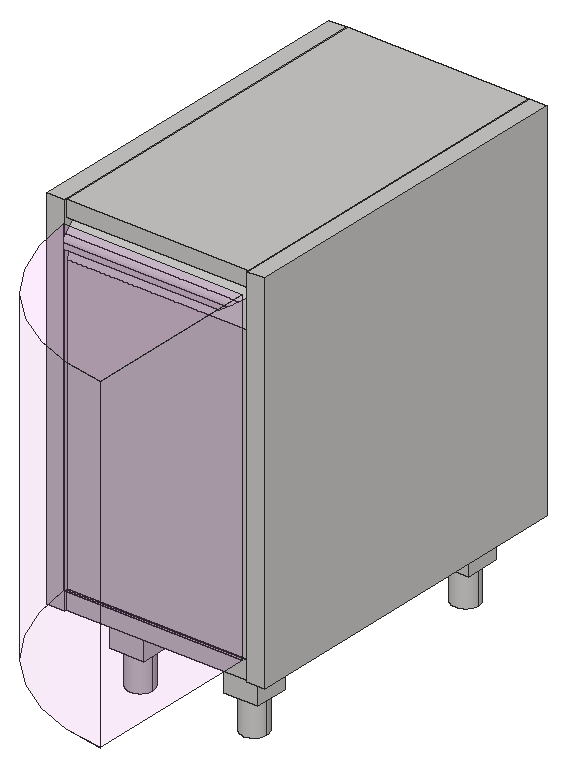
Revit family "QF_ELECTROLUXPROFESSIONAL_121931_TEG4", category Attrezzature speciali, Revit 2020
Family settings
  Quota connettore circolare = Usa diametro
  Tipo di parte = Normale
  Basato su piano di lavoro = No
  Sempre verticale = Sì
  Taglio con vuoti quando caricato = No
  Condiviso = No
  Punto di calcolo locali = No
Parameters (values of type "Standard")
  Weight = 40.00 kg
  Watts = 0 W
  Volts = 0 V
  URL Manufacturer = "https://www.electroluxprofessional.com/"
  URL = "https://www.electroluxprofessional.com/"
  Steam Supply Size = 0 mm
  Steam Supply Minimum Pressure = 0.0 Pa
  Steam Supply Maximum Pressure = 0.0 Pa
  Steam Consumption per Hour = 0
  Refrigeration Suction Line Size = 0.0 mm
  Refrigeration Liquid Line Size = 0.0 mm
  Refrigerant Compressor Remote = yes
  Prospetto di default = 0.0 mm
  Phase = 0
  Modello = "TEG4"
  Produttore = "Electrolux Professional"
  Length Actual = 400.0 mm  # constant formula
  Item Number = "121931"
  Hot Water Size = 0 mm
  Height Actual = 860.0 mm  # constant formula
  HP = "0 HP"
  Gas Size = 0 mm
  Gas KW = 0
  Gas Input Pressure = 0 W
  Direct Waste Size = 0 mm
  Descrizione = "AMBIENT UNIT 1 DOOR+GN1/1 RUNNERS 400MM"
  Depth Actual = 680.0 mm  # constant formula
  Cycle = 0 Hz
  Condensate Return Size = 0 mm
  Compressed Air Volume = 0.0 L/s
  Compressed Air Size = 0 mm
  Compressed Air Pressure = 0.0 Pa
  Cold Water Size = 0 mm
  Accessory = yes
Reference planes
  plane 1 "Center (Front/Back)": y = 0
  plane 2: z = 0
  plane 3 "Center (Left/Right)": x = -300
  plane 4 "LEFT": x = -510
  plane 5 "RIGHT": x = -90
  plane 6 "BACK": y = 340
  plane 7 "FRONT": y = -340
  plane 8 "Base": z = 860
  plane 9 "TOP": z = 900
  plane 10: x = -410
  plane 11: x = -190
  plane 12: y = 270
  plane 13: y = -240
  plane 14 "FEET": z = 150
  plane 15: x = -476
  plane 16: x = -124
  plane 17: y = -337
  plane 18: y = 310
  plane 19: y = -690
Forms (mm)
  Extrusion 1, solid, material "QF_Finishes_Stainless Steel"
    sketch origin (0, 0, 150) x (-1, 0, 0) y (0, -1, 0)
      loop
        line (510, -340) -> (510, 340) -> (476, 340) -> (476, -340) -> (510, -340)
      loop
        line (124, -340) -> (124, 340) -> (90, 340) -> (90, -340) -> (124, -340)
    from 0 to 710
  Extrusion 2, solid, material "QF_Finishes_Stainless Steel"
    sketch origin (0, 0, 150) x (-1, 0, 0) y (0, -1, 0)
      loop
        line (476, -310) -> (476, 337) -> (124, 337) -> (124, -310) -> (476, -310)
    from 0 to 35
  Extrusion 3, solid, material "QF_Finishes_Stainless Steel"
    sketch origin (0, 0, 0) x (1, 0, 0) y (0, 1, 0)
      loop
        line (-476, 310) -> (-476, -297) -> (-124, -297) -> (-124, 310) -> (-476, 310)
    from 490 to 520
  Extrusion 4, solid, material "QF_Finishes_Stainless Steel"
    sketch origin (0, 0, 0) x (1, 0, 0) y (0, 1, 0)
      loop
        line (-476, -337) -> (-124, -337) -> (-124, 340) -> (-476, 340) -> (-476, -337)
    from 830 to 860
  Extrusion 5, solid, material "QF_Finishes_Stainless Steel"
    sketch origin (0, 0, 150) x (-1, 0, 0) y (0, -1, 0)
      loop
        line (476, -340) -> (476, -310) -> (124, -310) -> (124, -340) -> (476, -340)
    from 680 to 0
Lines and regions (mm)
  symbolic lines, style "SpecialityEquipmentHiddenLines"
    curve 1: line (-90, 340, 900) -> (-510, 340, 900)
    curve 2: line (-90, -340, 900) -> (-90, 340, 900)
    curve 3: line (-510, -344.5, 150) -> (-510, 340, 150)
    curve 4: line (-510, -340, 150) -> (-476, -340, 150)
    curve 5: line (-476, -340, 150) -> (-476, -337, 150)
    curve 6: line (-476, -337, 150) -> (-124, -337, 150)
    curve 7: line (-124, -337, 150) -> (-124, -340, 150)
    curve 8: line (-124, -340, 150) -> (-90, -340, 150)
Dimensions and locks
  plane 4 "LEFT" to plane 5 "RIGHT" = 420.0 mm
  equal spacing: plane 4 "LEFT", plane 3 "Center (Left/Right)", plane 5 "RIGHT"
  plane 6 "BACK" to plane 7 "FRONT" = 680.0 mm
  equal spacing: plane 6 "BACK", plane 1 "Center (Front/Back)", plane 7 "FRONT"
  locked: plane 14 "FEET" to level at 150
  locked: plane 4 "LEFT" to plane 10 at 100
  locked: plane 11 to plane 5 "RIGHT" at 100
  locked: plane 4 "LEFT" to plane 15 at 34
  locked: plane 16 to plane 5 "RIGHT" at 34
  plane 17 to plane 7 "FRONT" = 3.0 mm
  plane 6 "BACK" to plane 18 = 30.0 mm
  locked: plane 6 "BACK" to plane 12 at 70
  locked: plane 13 to plane 7 "FRONT" at 100
  locked: plane 8 "Base" to level at 860
  locked: plane 9 "TOP" to level at 900
  plane 6 "BACK" to plane 19 = 1030.0 mm
  aligned and locked: level to plane 2
  aligned and locked: plane 10 to nested 1
  aligned and locked: plane 11 to nested 2
  aligned and locked: plane 11 to nested 4
  aligned and locked: nested 4 to plane 12
  aligned and locked: plane 10 to nested 3
  aligned and locked: nested 3 to plane 12
  aligned and locked: plane 8 "Base" to Extrusion 1
  aligned and locked: plane 6 "BACK" to Extrusion 1 sketch curve
  aligned and locked: Extrusion 1 sketch curve to plane 6 "BACK"
  aligned and locked: plane 7 "FRONT" to Extrusion 1 sketch curve
  aligned and locked: Extrusion 1 sketch curve to plane 7 "FRONT"
  aligned and locked: plane 15 to Extrusion 1
  aligned and locked: Extrusion 1 to plane 16
  aligned and locked: Extrusion 2 to plane 15
  aligned and locked: plane 16 to Extrusion 2
  aligned and locked: plane 16 to Extrusion 3
  aligned and locked: Extrusion 3 to plane 15
  aligned and locked: plane 8 "Base" to Extrusion 4
  aligned and locked: Extrusion 2 to plane 17
  aligned and locked: Extrusion 2 to plane 18
  aligned and locked: Extrusion 3 to plane 18
  aligned and locked: Extrusion 4 to plane 17
  aligned and locked: plane 15 to Extrusion 5 sketch curve
  aligned and locked: Extrusion 5 sketch curve to plane 16
  aligned and locked: Extrusion 5 sketch curve to plane 6 "BACK"
  aligned and locked: Extrusion 5 sketch curve to plane 18
  aligned and locked: Extrusion 5 to Extrusion 4
  aligned and locked: Extrusion 5 to plane 14 "FEET"
  aligned and locked: plane 6 "BACK" to Extrusion 4
  aligned and locked: nested 1 to plane 13
  aligned and locked: nested 2 to plane 13
Automatic sketch dimensions
  curve 2 to plane 5 "RIGHT" = 0.0 mm
  curve 2 to plane 7 "FRONT" = 0.0 mm
  curve 1 to plane 4 "LEFT" = 0.0 mm
  curve 1 to plane 6 "BACK" = 0.0 mm
  Extrusion 1 sketch curve to plane 5 "RIGHT" = 0.0 mm
  Extrusion 1 sketch curve to plane 16 = 0.0 mm
  Extrusion 1 sketch curve to plane 15 = 0.0 mm
  Extrusion 1 sketch curve to plane 4 "LEFT" = 0.0 mm
  Extrusion 2 sketch curve to plane 16 = 0.0 mm
  Extrusion 2 sketch curve to plane 15 = 0.0 mm
  plane 18 to Extrusion 2 sketch curve = 0.0 mm
  Extrusion 2 sketch curve to plane 17 = 0.0 mm
  curve 8 to plane 5 "RIGHT" = 0.0 mm
  curve 8 to plane 7 "FRONT" = 0.0 mm
  curve 8 to plane 16 = 0.0 mm
  curve 6 to plane 15 = 0.0 mm
  curve 3 to plane 4 "LEFT" = 0.0 mm
  curve 3 to plane 6 "BACK" = 0.0 mm
  curve 6 to plane 17 = 0.0 mm
  curve 4 to plane 7 "FRONT" = 0.0 mm
  curve 4 to curve 3 = 4.5 mm
  Extrusion 4 sketch curve to plane 15 = 0.0 mm
  Extrusion 4 sketch curve to plane 16 = 0.0 mm
  Extrusion 4 sketch curve to plane 17 = 0.0 mm
  Extrusion 4 sketch curve to plane 18 = 30.0 mm
  Extrusion 3 sketch curve to plane 15 = 0.0 mm
  plane 7 "FRONT" to Extrusion 3 sketch curve = 43.0 mm
  Extrusion 3 sketch curve to plane 16 = 0.0 mm
  plane 18 to Extrusion 3 sketch curve = 0.0 mm
Nested families
  nested 1: "FEET_L65-150" at (-410, -240, 0), type "FEET_L65-150"
  nested 2: "FEET_L65-150" at (-190, -240, 0), type "FEET_L65-150"
  nested 3: "FEET_L65-150" at (-410, 270, 0), type "FEET_L65-150"
  nested 4: "FEET_L65-150" at (-190, 270, 0), type "FEET_L65-150"
  nested 5: "H637_420_1DOOR" at (-336.042, -297, 150) x (1, 0, 0) z (0, -1, 0), type "H637_420_1DOOR"
    with Width 420.0 mm, Show Clearance yes
Definition of nested family "FEET_L65-150"
  Parameters
    Default Elevation = 0.0 mm
    FEET = 150.0 mm
  Reference planes
    plane 1 "Center (Front/Back)": y = 0
    plane 2: z = 0
    plane 3 "Center (Left/Right)": x = 0
    plane 4: z = 150
  Forms (mm)
    Extrusion 1, solid
      sketch origin (0, 0, 0) x (1, 0, 0) y (0, 1, 0)
        loop
          circle (0, 0) r 25
      from 0 to 67
    Extrusion 2, solid
      sketch origin (0, 0, 0) x (1, 0, 0) y (0, 1, 0)
        loop
          line (32.561, 32.5) -> (-32.439, 32.5) -> (-32.439, -32.5) -> (32.561, -32.5) -> (32.561, 32.5)
      from 67 to 150 <- "FEET"
  Lines and regions (mm)
    symbolic lines
      curve 1: line (0, -1.503, 0) -> (0, 1.508, 0)
      curve 2: line (1.561, 0, 0) -> (-1.439, 0, 0)
  Dimensions and locks
    "FEET": plane 4 to plane 2
    aligned and locked: level to plane 2
  Automatic sketch dimensions
    plane 1 "Center (Front/Back)" to Extrusion 1 sketch curve = 0.0 mm
    Extrusion 1 sketch curve to plane 3 "Center (Left/Right)" = 0.0 mm
    plane 1 "Center (Front/Back)" to curve 2 = 0.0 mm
    curve 1 to plane 3 "Center (Left/Right)" = 0.0 mm
    curve 2 to plane 3 "Center (Left/Right)" = 1.439 mm
    plane 3 "Center (Left/Right)" to curve 2 = 1.561 mm
    plane 1 "Center (Front/Back)" to curve 1 = 1.503 mm
    curve 1 to plane 1 "Center (Front/Back)" = 1.508 mm
    Extrusion 2 sketch curve to plane 1 "Center (Front/Back)" = 32.5 mm
    Extrusion 2 sketch curve to plane 3 "Center (Left/Right)" = 32.439 mm
    plane 3 "Center (Left/Right)" to Extrusion 2 sketch curve = 32.561 mm
    plane 1 "Center (Front/Back)" to Extrusion 2 sketch curve = 32.5 mm
    radius of Extrusion 1 sketch curve = 25.0 mm
Definition of nested family "H637_420_1DOOR"
  Parameters
    Width [instance] = 420.0 mm
    Show Clearance [instance] = yes
    Model = "727995"
    Height = 710.0 mm
    Default Elevation = 0.0 mm
  Reference planes
    plane 1 "Center (Front/Back)": y = 0
    plane 2: z = 0
    plane 3 "Center (Left/Right)": x = 36.042
    plane 4 "panel": z = 25
    plane 5 "Left": x = -173.958
    plane 6 "Right": x = 246.042
    plane 7: y = 710
    plane 8: z = 45
    plane 9: x = 209.042
    plane 10: x = -136.958
    plane 11: y = 672
    plane 12: y = 38
    plane 13: z = 393
  Forms (mm)
    Extrusion 1, solid
      sketch origin (0, -919.2, 0) x (1, 0, 0) y (0, 1, 0)
        loop
          line (-980.5, 2119.2) -> (-980.5, -162.846) -> (881.94, -162.846) -> (881.94, 2119.2) -> (-980.5, 2119.2)
      from 0 to -59.546
    Extrusion 2, solid
      sketch origin (36.042, -219.693, 0) x (0, 1, 0) y (0, 0, 1)
        loop
          line (848.63, 49.734) -> (848.63, 47.734) -> (858.98, 47.734)
          arc (858.98, 47.734) -> (865.586, 46.42) -> (871.186, 42.679) r 17.261
          line (871.186, 42.679) -> (888.019, 25.845) -> (891.693, 25) -> (872.6, 44.093)
          arc (872.6, 44.093) -> (866.351, 48.268) -> (858.98, 49.734) r 19.261
          line (858.98, 49.734) -> (848.63, 49.734)
      from -173 to 173
    Extrusion 3, void
      sketch origin (0, -219.693, 25) x (1, 0, 0) y (0, 1, 0)
        loop
          line (214.066, 839.859) -> (214.066, 882.225) -> (209.042, 882.225)
          arc (209.042, 882.225) -> (208.688, 880.688) -> (207.873, 879.339) r 5
          line (207.873, 879.339) -> (165.197, 850.51)
          arc (165.197, 850.51) -> (162.266, 849.11) -> (159.054, 848.63) r 10.974
          line (159.054, 848.63) -> (-132.198, 848.63)
          arc (-132.198, 848.63) -> (-135.564, 850.024) -> (-136.958, 853.39) r 4.76
          line (-136.958, 853.39) -> (-136.958, 839.859) -> (214.066, 839.859)
      from 0 to 27.674
    Extrusion 4, solid
      sketch origin (36.042, -190, 0) x (0, 1, 0) y (0, 0, 1)
        loop
          line (228, 40) -> (228, 0) -> (862, 0) -> (862, 25) -> (796.797, 40) -> (228, 40)
      from 173 to -173
    Extrusion 5, solid
      sketch origin (0, 0, 0) x (1, 0, 0) y (0, 0, 1)
        loop
          arc (209.042, 393) -> (-28.329, 286.427) -> (-136.401, 49.734) r 369.078
          line (-136.401, 49.734) -> (209.042, 49.734) -> (209.042, 393)
      from -672 to -38
  Cuts and joins
    Extrusion 3 cuts Extrusion 2
  Lines and regions (mm)
    symbolic lines
      curve 1: arc (209.042, 0, 393) -> (-28.329, 0, 286.427) -> (-136.401, 0, 49.734) r 369.078
      curve 2: line (209.042, 0, 40) -> (209.042, 0, 393)
      curve 3: line (177.735, 0, 49.734) -> (-136.958, 0, 49.734)
      curve 4: spline (197.459, 0, 44.389) -> (195.921, 0, 45.265) -> (194.356, 0, 46.066) -> (192.765, 0, 46.791) -> (191.151, 0, 47.437) -> (189.517, 0, 48.005) -> (187.865, 0, 48.493) -> (186.198, 0, 48.9) -> (184.519, 0, 49.226) -> (182.831, 0, 49.471) -> (181.136, 0, 49.633) -> (179.436, 0, 49.712) -> (177.736, 0, 49.71)
      curve 5: line (203.956, 0, 40) -> (197.459, 0, 44.389)
      curve 6: line (-136.958, 0, 49.734) -> (-136.958, 0, 40)
  Dimensions and locks
    plane 4 "panel" to level = 25.0 mm
    "Width": plane 5 "Left" to plane 6 "Right"
    equal spacing: plane 5 "Left", plane 3 "Center (Left/Right)", plane 6 "Right"
    "Height": plane 1 "Center (Front/Back)" to plane 7
    plane 9 to plane 6 "Right" = 37.0 mm
    plane 5 "Left" to plane 10 = 37.0 mm
    plane 7 to plane 11 = 38.0 mm
    plane 1 "Center (Front/Back)" to plane 12 = 38.0 mm
    plane 10 to plane 9 = 346.0 mm
    aligned and locked: plane 2 to Extrusion 1
    aligned and locked: level to Extrusion 1
    aligned and locked: plane 10 to Extrusion 2
    aligned and locked: plane 9 to Extrusion 2
    aligned and locked: plane 10 to Extrusion 4
    aligned and locked: plane 9 to Extrusion 4
  Automatic sketch dimensions
    Extrusion 1 sketch curve to Extrusion 1 sketch curve = 1862.44 mm
    Extrusion 1 sketch curve to Extrusion 1 sketch curve = 2282.046 mm
    Extrusion 3 sketch curve to plane 10 = 0.0 mm
    Extrusion 3 sketch curve to plane 9 = 0.0 mm
    Extrusion 3 sketch curve to Extrusion 3 sketch curve = 4.76 mm
    Extrusion 3 sketch curve to plane 9 = 49.988 mm
    Extrusion 3 sketch curve to Extrusion 3 sketch curve = 6.143 mm
    Extrusion 3 sketch curve to plane 9 = 4.988 mm
    Extrusion 3 sketch curve to plane 9 = 1.169 mm
    Extrusion 3 sketch curve to plane 6 "Right" = 31.976 mm
    Extrusion 3 sketch curve to plane 7 = 89.834 mm
    Extrusion 3 sketch curve to Extrusion 3 sketch curve = 8.771 mm
    Extrusion 3 sketch curve to Extrusion 3 sketch curve = 1.88 mm
    Extrusion 3 sketch curve to Extrusion 3 sketch curve = 39.48 mm
    Extrusion 3 sketch curve to Extrusion 3 sketch curve = 2.886 mm
    Extrusion 4 sketch curve to level = 0.0 mm
    Extrusion 4 sketch curve to plane 12 = 0.0 mm
    Extrusion 4 sketch curve to plane 4 "panel" = 0.0 mm
    Extrusion 4 sketch curve to plane 11 = 0.0 mm
    Extrusion 4 sketch curve to plane 8 = 5.0 mm
    Extrusion 4 sketch curve to plane 11 = 65.203 mm
    Extrusion 2 sketch curve to Extrusion 2 sketch curve = 0.0 mm  (x2)
    Extrusion 2 sketch curve to plane 4 "panel" = 0.0 mm
    Extrusion 2 sketch curve to plane 11 = 0.0 mm
    Extrusion 2 sketch curve to plane 8 = 0.907 mm
    Extrusion 2 sketch curve to plane 11 = 19.093 mm
    Extrusion 2 sketch curve to plane 8 = 2.321 mm
    Extrusion 2 sketch curve to Extrusion 2 sketch curve = 1.414 mm
    plane 4 "panel" to Extrusion 2 sketch curve = 5.474 mm
    Extrusion 2 sketch curve to Extrusion 2 sketch curve = 12.205 mm
    Extrusion 2 sketch curve to Extrusion 2 sketch curve = 10.351 mm
    plane 4 "panel" to Extrusion 2 sketch curve = 0.845 mm
    Extrusion 2 sketch curve to plane 11 = 3.674 mm
    plane 10 to curve 6 = 0.0 mm
    curve 2 to plane 9 = 0.0 mm
    curve 2 to plane 13 = 0.0 mm
    curve 5 to plane 8 = 0.611 mm
    curve 5 to plane 9 = 11.583 mm
    curve 1 to plane 4 "panel" = 0.374 mm
    curve 1 to plane 6 "Right" = 14.22 mm
    plane 8 to curve 3 = 4.734 mm
    curve 3 to curve 4 = 19.723 mm
    curve 3 to curve 4 = 0.0 mm
    curve 4 to curve 4 = 0.908 mm
    curve 5 to plane 9 = 5.086 mm
    curve 4 to level = 1.281 mm
    curve 2 to plane 8 = 5.0 mm
    curve 5 to plane 8 = 5.0 mm
    curve 6 to plane 8 = 5.0 mm
    curve 4 to curve 3 = 0.025 mm
    Extrusion 5 sketch curve to plane 9 = 0.0 mm
    Extrusion 5 sketch curve to plane 13 = 0.0 mm
    Extrusion 5 sketch curve to plane 4 "panel" = 0.374 mm
    Extrusion 5 sketch curve to plane 10 = 0.557 mm
    plane 8 to Extrusion 5 sketch curve = 4.734 mm
